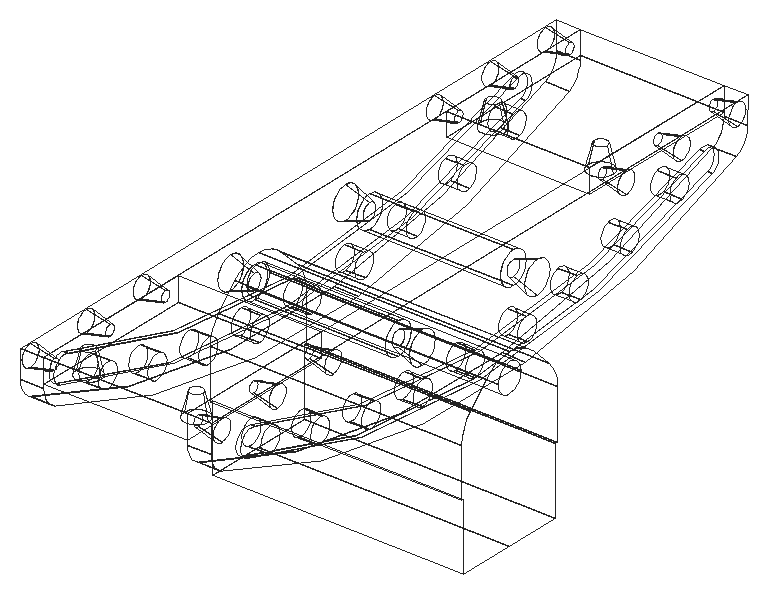
Revit family "1 SOUND_Contour CT28_Rigging System", category Communication Devices, host Face, Revit 2020
Family settings
  Host = Face
  Maintain Annotation Orientation = No
  Round Connector Dimension = Use Diameter
  Part Type = Normal
  Cut with Voids When Loaded = No
  Shared = No
  Room Calculation Point = No
Parameters (values of type "Contour Rigging System CT28")
  Weight = "1.55 kg"
  URL = "https://www.1-sound.com/ct-rigging-system"
  Start Angle [instance] = if(Pivot Angle 5Deg, 95.00°, if(Pivot Angle 10Deg, 100.00°, if(Pivot Angle 15Deg, 105.00°, if(Pivot Angle 20Deg, 110.00°, if(Pivot Angle 5Deg Neg, 85.00°, if(Pivot Angle 10Deg Neg, 80.00°, if(Pivot Angle 15Deg Neg, 75.00°, if(Pivot Angle 20Deg Neg, 70.00°, 90.00°))))))))  # 90.00°
  Model = "Contour Rigging System CT28"
  Pivot Angle 5Deg Neg [instance] = no
  Pivot Angle 5Deg [instance] = no
  Pivot Angle 20Deg Neg [instance] = no
  Pivot Angle 20Deg [instance] = no
  Pivot Angle 15Deg Neg [instance] = no
  Pivot Angle 15Deg [instance] = no
  Pivot Angle 10Deg Neg [instance] = no
  Pivot Angle 10Deg [instance] = no
  Material = "Zinc Plated"
  Manufacturer = "1 SOUND"  # constant formula
  Finish = "Stainless steel & aluminum or powder coated"
  Dimensions (HxWxD) = "103.00mm x 105.00mm x 280.00mm"
  Default Elevation = 0.00 mm
  Construction = "Stainless Steel 316 and Structural Aluminum"
  Category = "Accessory"  # constant formula
  Accessory Finish [instance] = 1 Sound - Powder Coat_Black
Reference planes
  plane 1 "Center (Front/Back)": y = 0
  plane 2: z = 0
  plane 3 "Center (Left/Right)": x = 0
  plane 4: z = 375.044
Forms (mm)
  Extrusion 1, solid, material "1 Sound - Powder Coat_Black" <- "Accessory Finish"
    sketch origin (0, 0, 0) x (0, -1, 0) y (0, 0, 1)
      loop
        arc (12.272, 67.728) -> (6.642, 71.541) -> (0, 72.994) r 18
        arc (0, 72.994) -> (-6.642, 71.541) -> (-12.272, 67.728) r 18
        line (-12.272, 67.728) -> (-20.607, 59.393)
        arc (-20.607, 59.393) -> (-23.858, 54.527) -> (-25, 48.787) r 15
        line (-25, 48.787) -> (-25, 28) -> (-24, 28) -> (-24, 0) -> (0, 0) -> (24, 0) -> (24, 28) -> (25, 28) -> (25, 48.787)
        arc (25, 48.787) -> (23.858, 54.527) -> (20.607, 59.393) r 15
        line (20.607, 59.393) -> (12.272, 67.728)
    from -52.5 to 52.5
  Extrusion 2, void
    sketch origin (0, 0, 0) x (0, -1, 0) y (0, 0, 1)
      loop
        circle (0, 63) r 6
    from -52.5 to 52.5
Cuts and joins
  Extrusion 2 cuts Extrusion 1
Lines and regions (mm)
  reference lines
    curve 1: line (0, 0, 375.044) -> (0, 0, 103.024)
Dimensions and locks
  locked: plane 4 to host face at 375.044
  "Start Angle": angle plane 4 to curve 1
  aligned and locked: plane 2 to host face
  aligned and locked: level to host face
  aligned and locked: plane 4 to curve 1
  aligned and locked: plane 1 "Center (Front/Back)" to curve 1
Automatic sketch dimensions
  host sketch curve to host sketch curve = 2438.40 mm  (x2)
  Extrusion 1 sketch curve to level = 0.00 mm
  Extrusion 1 sketch curve to plane 1 "Center (Front/Back)" = 0.00 mm  (x2)
  Extrusion 1 sketch curve to plane 1 "Center (Front/Back)" = 0.456 mm
  Extrusion 1 sketch curve to plane 1 "Center (Front/Back)" = 10.00 mm
  Extrusion 1 sketch curve to plane 1 "Center (Front/Back)" = 12.272 mm
  Extrusion 1 sketch curve to Extrusion 1 sketch curve = 8.335 mm  (x3)
  Extrusion 1 sketch curve to plane 1 "Center (Front/Back)" = 24.00 mm
  Extrusion 1 sketch curve to Extrusion 1 sketch curve = 4.393 mm
  plane 1 "Center (Front/Back)" to Extrusion 1 sketch curve = 0.456 mm
  plane 1 "Center (Front/Back)" to Extrusion 1 sketch curve = 10.00 mm
  plane 1 "Center (Front/Back)" to Extrusion 1 sketch curve = 12.272 mm
  Extrusion 1 sketch curve to Extrusion 1 sketch curve = 24.00 mm
  Extrusion 1 sketch curve to Extrusion 1 sketch curve = 1.00 mm
  Extrusion 1 sketch curve to Extrusion 1 sketch curve = 28.00 mm
  level to Extrusion 1 sketch curve = 28.00 mm
  Extrusion 1 sketch curve to Extrusion 1 sketch curve = 20.787 mm
  Extrusion 1 sketch curve to Extrusion 1 sketch curve = 0.00 mm  (x2)
  Extrusion 1 sketch curve to Extrusion 1 sketch curve = 6.213 mm
  Extrusion 2 sketch curve to plane 1 "Center (Front/Back)" = 0.00 mm
  level to Extrusion 2 sketch curve = 63.00 mm
  radius of Extrusion 2 sketch curve = 6.00 mm
Nested families
  nested 1: "1 SOUND_Contour Rigging System" at (0, 0, 103.024) x (0, 1, 0) z (0, 0, -1), Accessory Finish <- "Accessory Finish", type "Contour Rigging System"
    with Accessory Finish 1 Sound - Powder Coat_Black
Definition of nested family "1 SOUND_Contour Rigging System"
  Parameters (values of type "Contour Rigging System")
    Default Elevation = 1219.20 mm
    Accessory Finish [instance] = none
  Reference planes
    plane 1 "Center (Front/Back)": y = 0
    plane 2: z = 0
    plane 3 "Center (Left/Right)": x = 0
  Forms (mm)
    Extrusion 1, solid, material <- "Accessory Finish", not visible
      sketch origin (0, 0, -103) x (1, 0, 0) y (0, 0, 1)
        loop
          line (-140, 206) -> (-140, 194.371)
          arc (-140, 194.371) -> (-138.416, 188.97) -> (-134.166, 185.28) r 10
          arc (-134.166, 185.28) -> (-56.833, 161.055) -> (24.1, 156.903) r 322.025
          arc (24.1, 156.903) -> (80.395, 166.197) -> (134.166, 185.28) r 322.025
          arc (134.166, 185.28) -> (138.416, 188.97) -> (140, 194.371) r 10
          line (140, 194.371) -> (140, 206) -> (-140, 206)
      from -40 to -30
    Extrusion 2, void, not visible
      sketch origin (0, 0, -103) x (1, 0, 0) y (0, 0, 1)
        loop
          circle (-106.719, 184.817) r 5
        loop
          circle (-80.758, 176.632) r 5
        loop
          circle (-54.183, 170.74) r 5
        loop
          circle (-27.195, 167.187) r 5
        loop
          circle (27.195, 167.187) r 5
        loop
          circle (54.183, 170.74) r 5
        loop
          circle (80.758, 176.632) r 5
        loop
          circle (106.719, 184.817) r 5
        loop
          circle (0, 165.981) r 5
      from -40 to 40
    Extrusion 3, solid, material <- "Accessory Finish"
      sketch origin (0, 0, -103) x (1, 0, 0) y (0, 0, 1)
        loop
          line (-140, 103) -> (140, 103) -> (140, 114.629)
          arc (140, 114.629) -> (138.416, 120.03) -> (134.166, 123.72) r 10
          arc (134.166, 123.72) -> (80.395, 142.803) -> (24.1, 152.097) r 322.025
          arc (24.1, 152.097) -> (-56.833, 147.945) -> (-134.166, 123.72) r 322.025
          arc (-134.166, 123.72) -> (-138.416, 120.03) -> (-140, 114.629) r 10
          line (-140, 114.629) -> (-140, 103)
      from -40 to -30
    Extrusion 4, void
      sketch origin (0, 0, -103) x (1, 0, 0) y (0, 0, 1)
        loop
          circle (-106.719, 124.183) r 5
        loop
          circle (-80.758, 132.368) r 5
        loop
          circle (-54.183, 138.26) r 5
        loop
          circle (-27.195, 141.813) r 5
        loop
          circle (27.195, 141.813) r 5
        loop
          circle (54.183, 138.26) r 5
        loop
          circle (80.758, 132.368) r 5
        loop
          circle (106.719, 124.183) r 5
        loop
          circle (0, 143.019) r 5
      from -40 to 40
    Extrusion 5, solid, material <- "Accessory Finish"
      sketch origin (0, 0, -103) x (1, 0, 0) y (0, 0, -1)
        loop
          line (-140, -103) -> (-140, -114.629)
          arc (-140, -114.629) -> (-138.416, -120.03) -> (-134.166, -123.72) r 10
          arc (-134.166, -123.72) -> (-56.833, -147.945) -> (24.1, -152.097) r 322.025
          arc (24.1, -152.097) -> (80.395, -142.803) -> (134.166, -123.72) r 322.025
          arc (134.166, -123.72) -> (138.416, -120.03) -> (140, -114.629) r 10
          line (140, -114.629) -> (140, -103) -> (-140, -103)
      from -40 to -30
    Extrusion 6, solid, material <- "Accessory Finish", not visible
      sketch origin (0, 0, -103) x (1, 0, 0) y (0, 0, -1)
        loop
          line (-140, -206) -> (140, -206) -> (140, -194.371)
          arc (140, -194.371) -> (138.416, -188.97) -> (134.166, -185.28) r 10
          arc (134.166, -185.28) -> (80.395, -166.197) -> (24.1, -156.903) r 322.025
          arc (24.1, -156.903) -> (-56.833, -161.055) -> (-134.166, -185.28) r 322.025
          arc (-134.166, -185.28) -> (-138.416, -188.97) -> (-140, -194.371) r 10
          line (-140, -194.371) -> (-140, -206)
      from -40 to -30
    Extrusion 7, solid, material <- "Accessory Finish"
      sketch origin (0, 0, 0) x (1, 0, 0) y (0, 1, 0)
        loop
          line (-140, 30) -> (-140, -30) -> (-70, -30) -> (-70, 30) -> (-140, 30)
        loop
          line (140, 30) -> (70, 30) -> (70, -30) -> (140, -30) -> (140, 30)
      from 0 to 10
    Blend 8, void
      base sketch origin (0, 0, 0) x (1, 0, 0) y (0, 0, 1)
        loop
          circle (-30, 20) r 3.3
      top sketch origin (0, 0, 0) x (1, 0, 0) y (0, 0, 1)
        loop
          circle (-30, 20) r 6.72
      from 30 to 40
    Blend 9, void
      base sketch origin (0, 0, 0) x (-1, 0, 0) y (0, 0, -1)
        loop
          circle (-30, -20) r 3.3
      top sketch origin (0, 0, 0) x (-1, 0, 0) y (0, 0, -1)
        loop
          circle (-30, -20) r 6.72
      from 30 to 40
    Blend 10, void
      base sketch origin (0, 0, 0) x (1, 0, 0) y (0, 0, -1)
        loop
          circle (-30, -20) r 3.3
      top sketch origin (0, 0, 0) x (1, 0, 0) y (0, 0, -1)
        loop
          circle (-30, -20) r 6.72
      from 30 to 40
    Blend 11, void
      base sketch origin (0, 0, 0) x (-1, 0, 0) y (0, 0, 1)
        loop
          circle (-30, 20) r 3.3
      top sketch origin (0, 0, 0) x (-1, 0, 0) y (0, 0, 1)
        loop
          circle (-30, 20) r 6.72
      from 30 to 40
    Extrusion 12, void
      sketch origin (0, 0, 0) x (1, 0, 0) y (0, 0, 1)
        loop
          arc (121.408, 21.412) -> (0, 45.539) -> (-121.408, 21.412) r 317.525
          arc (-121.408, 21.412) -> (-124.387, 14.227) -> (-117.202, 11.248) r 5.5
          arc (-117.202, 11.248) -> (0, 34.539) -> (117.202, 11.248) r 306.525
          arc (117.202, 11.248) -> (124.387, 14.227) -> (121.408, 21.412) r 5.5
      from 38 to 40
    Extrusion 13, void
      sketch origin (0, 0, 0) x (1, 0, 0) y (0, 0, -1)
        loop
          arc (121.408, -21.412) -> (124.387, -14.227) -> (117.202, -11.248) r 5.5
          arc (117.202, -11.248) -> (0, -34.539) -> (-117.202, -11.248) r 306.525
          arc (-117.202, -11.248) -> (-124.387, -14.227) -> (-121.408, -21.412) r 5.5
          arc (-121.408, -21.412) -> (0, -45.539) -> (121.408, -21.412) r 317.525
      from 38 to 40
    Blend 14, void
      base sketch origin (0, 0, 0) x (1, 0, 0) y (0, 0, 1)
        loop
          circle (76.5, 5) r 2.25
      top sketch origin (0, 0, 0) x (1, 0, 0) y (0, 0, 1)
        loop
          circle (76.5, 5) r 4.48
      from 30 to 40
    Blend 15, void
      base sketch origin (29, 0, 0) x (1, 0, 0) y (0, 0, 1)
        loop
          circle (76.5, 5) r 2.25
      top sketch origin (29, 0, 0) x (1, 0, 0) y (0, 0, 1)
        loop
          circle (76.5, 5) r 4.48
      from 30 to 40
    Blend 16, void
      base sketch origin (58, 0, 0) x (1, 0, 0) y (0, 0, 1)
        loop
          circle (76.5, 5) r 2.25
      top sketch origin (58, 0, 0) x (1, 0, 0) y (0, 0, 1)
        loop
          circle (76.5, 5) r 4.48
      from 30 to 40
    Blend 17, void
      base sketch origin (0, 0, 0) x (-1, 0, 0) y (0, 0, -1)
        loop
          circle (76.5, -5) r 2.25
      top sketch origin (0, 0, 0) x (-1, 0, 0) y (0, 0, -1)
        loop
          circle (76.5, -5) r 4.48
      from 30 to 40
    Blend 18, void
      base sketch origin (-29, 0, 0) x (-1, 0, 0) y (0, 0, -1)
        loop
          circle (76.5, -5) r 2.25
      top sketch origin (-29, 0, 0) x (-1, 0, 0) y (0, 0, -1)
        loop
          circle (76.5, -5) r 4.48
      from 30 to 40
    Blend 19, void
      base sketch origin (-58, 0, 0) x (-1, 0, 0) y (0, 0, -1)
        loop
          circle (76.5, -5) r 2.25
      top sketch origin (-58, 0, 0) x (-1, 0, 0) y (0, 0, -1)
        loop
          circle (76.5, -5) r 4.48
      from 30 to 40
    Blend 20, void
      base sketch origin (0, 0, 0) x (1, 0, 0) y (0, 0, -1)
        loop
          circle (76.5, -5) r 2.25
      top sketch origin (0, 0, 0) x (1, 0, 0) y (0, 0, -1)
        loop
          circle (76.5, -5) r 4.48
      from 30 to 40
    Blend 21, void
      base sketch origin (29, 0, 0) x (1, 0, 0) y (0, 0, -1)
        loop
          circle (76.5, -5) r 2.25
      top sketch origin (29, 0, 0) x (1, 0, 0) y (0, 0, -1)
        loop
          circle (76.5, -5) r 4.48
      from 30 to 40
    Blend 22, void
      base sketch origin (58, 0, 0) x (1, 0, 0) y (0, 0, -1)
        loop
          circle (76.5, -5) r 2.25
      top sketch origin (58, 0, 0) x (1, 0, 0) y (0, 0, -1)
        loop
          circle (76.5, -5) r 4.48
      from 30 to 40
    Blend 23, void
      base sketch origin (0, 0, 0) x (-1, 0, 0) y (0, 0, 1)
        loop
          circle (76.5, 5) r 2.25
      top sketch origin (0, 0, 0) x (-1, 0, 0) y (0, 0, 1)
        loop
          circle (76.5, 5) r 4.48
      from 30 to 40
    Blend 24, void
      base sketch origin (-29, 0, 0) x (-1, 0, 0) y (0, 0, 1)
        loop
          circle (76.5, 5) r 2.25
      top sketch origin (-29, 0, 0) x (-1, 0, 0) y (0, 0, 1)
        loop
          circle (76.5, 5) r 4.48
      from 30 to 40
    Blend 25, void
      base sketch origin (-58, 0, 0) x (-1, 0, 0) y (0, 0, 1)
        loop
          circle (76.5, 5) r 2.25
      top sketch origin (-58, 0, 0) x (-1, 0, 0) y (0, 0, 1)
        loop
          circle (76.5, 5) r 4.48
      from 30 to 40
    Extrusion 26, solid, material <- "Accessory Finish"
      sketch origin (0, 0, 0) x (1, 0, 0) y (0, 0, 1)
        loop
          circle (-30, 20) r 6.72
        loop
          circle (30, 20) r 6.72
      from -30 to 30
    Blend 27, void
      base sketch origin (-41, 0, 0) x (1, 0, 0) y (0, 1, 0)
        loop
          circle (126.002, 22.5) r 2.75
      top sketch origin (-41, 0, 0) x (1, 0, 0) y (0, 1, 0)
        loop
          circle (126.002, 22.5) r 5.2
      from 0 to 10
    Blend 28, void
      base sketch origin (-41, 0, 0) x (1, 0, 0) y (0, 1, 0)
        loop
          circle (126.002, -22.5) r 2.75
      top sketch origin (-41, 0, 0) x (1, 0, 0) y (0, 1, 0)
        loop
          circle (126.002, -22.5) r 5.2
      from 0 to 10
    Blend 29, void
      base sketch origin (0, 0, 0) x (-1, 0, 0) y (0, -1, 0)
        loop
          circle (126.002, -22.5) r 2.75
      top sketch origin (0, 0, 0) x (-1, 0, 0) y (0, -1, 0)
        loop
          circle (126.002, -22.5) r 5.2
      from 0 to 10
    Blend 30, void
      base sketch origin (0, 0, 0) x (-1, 0, 0) y (0, -1, 0)
        loop
          circle (126.002, 22.5) r 2.75
      top sketch origin (0, 0, 0) x (-1, 0, 0) y (0, -1, 0)
        loop
          circle (126.002, 22.5) r 5.2
      from 0 to 10
  Cuts and joins
    Extrusion 4, Blend 10, Blend 11, Extrusion 13, Blend 20, Blend 21, Blend 22, Blend 23, Blend 24, Blend 25 cuts Extrusion 3
    Extrusion 4, Blend 8, Blend 9, Blend 10, Blend 11, Extrusion 12, Extrusion 13, Blend 14, Blend 15, Blend 16, Blend 17, Blend 18, Blend 19, Blend 20, Blend 21, Blend 22, Blend 23, Blend 24, Blend 25 cuts Extrusion 5
    Blend 14, Blend 15, Blend 16, Blend 17, Blend 18, Blend 19, Blend 20, Blend 21, Blend 22, Blend 23, Blend 24, Blend 25, Blend 27, Blend 28, Blend 29, Blend 30 cuts Extrusion 7
  Dimensions and locks
    aligned and locked: level to plane 2
